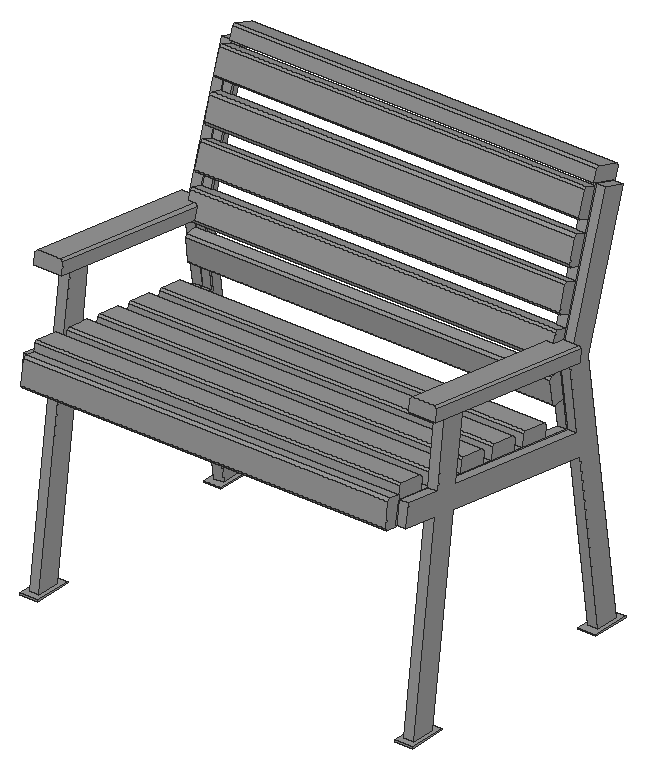
Revit family "Кресло садовое «Модерн» Арт 6747", category Антураж, Revit 2018
Family settings
  На основе рабочей плоскости = Нет
  Всегда вертикально = Да
  При загрузке вырезать с полостями = Нет
  Источник визуального образа = Геометрия семейства
  Общий = Нет
  Точка расчета площади = Нет
Parameters (values of type "Кресло садовое «Модерн»")
  Ширина = 612 mm  # constant formula
  Цвет сидения = Дерево
  Цвет опор = Сталь
  Описание = "Кресло садовое «Модерн»"  # constant formula
  Материал изделия = "Сталь, дерево"  # constant formula
  Изображение типоразмера = Кресло садовое «Модерн» Арт 6747.jpg
  Изготовитель = "ООО «Хоббика»"  # constant formula
  Длина досок = Длина - (38 mm * 2)  # 744 mm
  Длина = 820 mm  # constant formula
  Группа модели = "Кресла садовые"  # constant formula
  Высота = 835 mm  # constant formula
  Артикул товара = "Арт. 6747"  # constant formula
  URL = "https://hobbyka.ru/product/kreslo_sadovoe_modern/"
Reference planes
  plane 1 "По центру (Вперед/Назад)": y = 0
  plane 2: z = 0
  plane 3 "По центру (Влево/Вправо)": x = 0
  plane 4: x = 820
  plane 5: y = 612
  plane 6: z = 835
Dimensions and locks
  "Ширина": plane 5 to plane 1 "По центру (Вперед/Назад)"
  "Длина": plane 3 "По центру (Влево/Вправо)" to plane 4
  "Высота": plane 6 to level
  locked: plane 3 "По центру (Влево/Вправо)" to nested 1 at 27.9
  locked: plane 3 "По центру (Влево/Вправо)" to nested 2 at 27.9
  locked: nested 3 to plane 4 at 27.9
  locked: nested 4 to plane 4 at 27.9
  plane 3 "По центру (Влево/Вправо)" to plane 4 = 820 mm
  plane 6 to level = 835 mm
  aligned and locked: level to plane 2
  aligned and locked: nested 1 to nested 9
  aligned and locked: nested 1 to nested 12
  aligned and locked: nested 1 to nested 11
  aligned and locked: nested 1 to nested 10
  aligned and locked: nested 1 to nested 8
  aligned and locked: nested 7 to nested 8
  aligned and locked: nested 6 to nested 8
  aligned and locked: nested 5 to nested 8
  aligned and locked: nested 6 to nested 7
  aligned and locked: nested 13 to nested 7
  aligned and locked: nested 14 to nested 7
  aligned and locked: nested 15 to nested 7
  aligned and locked: nested 16 to nested 7
  aligned and locked: nested 5 to nested 7
Nested families
  nested 1: "Скамейка стальная «Модерн» опора" at (27.9, 45, 0), type "Скамейка стальная «Модерн» опора"
  nested 2: "Скамейка стальная «Модерн» доска" at (27.9, 458.962, 526.62) x (0, -0.9903, 0.1392) z (0, 0.1392, 0.9903), type "Скамейка стальная «Модерн» доска поручень"
    with Длина доски 370 mm
  nested 3: "Скамейка стальная «Модерн» опора" at (792.1, 45, 0) x (-1, 0, 0) z (0, 0, 1), type "Скамейка стальная «Модерн» опора"
  nested 4: "Скамейка стальная «Модерн» доска" at (792.1, 458.962, 526.62) x (0, -0.9903, 0.1392) z (0, 0.1392, 0.9903), type "Скамейка стальная «Модерн» доска поручень"
    with Длина доски 370 mm
  nested 5: "Скамейка стальная «Модерн» доска" at (37.9, 42.295, 425.8) x (1, 0, 0) z (0, -0.9903, 0.1392), type "Скамейка стальная «Модерн» доска"
    with Длина доски 744 mm
  nested 6: "Скамейка стальная «Модерн» доска" at (37.9, 389.531, 396.624) x (1, 0, 0) z (0, 0.1392, 0.9903), type "Скамейка стальная «Модерн» доска"
    with Длина доски 744 mm
  nested 7: "Скамейка стальная «Модерн» доска" at (37.9, 462.027, 472.995) x (1, 0, 0) z (0, -0.9903, -0.1392), type "Скамейка стальная «Модерн» доска"
    with Длина доски 744 mm
  nested 8: "Скамейка стальная «Модерн» доска" at (37.9, 464.462, 543.548) x (1, 0, 0) z (0, -0.9511, 0.309), type "Скамейка стальная «Модерн» доска"
    with Длина доски 744 mm
  nested 9: "Скамейка стальная «Модерн» доска" at (37.9, 570.189, 795.707) x (1, 0, 0) z (0, 0.309, 0.9511), type "Скамейка стальная «Модерн» доска"
    with Длина доски 744 mm
  nested 10: "Скамейка стальная «Модерн» доска" at (37.9, 489.184, 619.632) x (1, 0, 0) z (0, -0.9511, 0.309), type "Скамейка стальная «Модерн» доска"
    with Длина доски 744 mm
  nested 11: "Скамейка стальная «Модерн» доска" at (37.9, 513.906, 695.717) x (1, 0, 0) z (0, -0.9511, 0.309), type "Скамейка стальная «Модерн» доска"
    with Длина доски 744 mm
  nested 12: "Скамейка стальная «Модерн» доска" at (37.9, 538.627, 771.801) x (1, 0, 0) z (0, -0.9511, 0.309), type "Скамейка стальная «Модерн» доска"
    with Длина доски 744 mm
  nested 13: "Скамейка стальная «Модерн» доска" at (37.9, 310.31, 407.758) x (1, 0, 0) z (0, 0.1392, 0.9903), type "Скамейка стальная «Модерн» доска"
    with Длина доски 744 mm
  nested 14: "Скамейка стальная «Модерн» доска" at (37.9, 231.088, 418.892) x (1, 0, 0) z (0, 0.1392, 0.9903), type "Скамейка стальная «Модерн» доска"
    with Длина доски 744 mm
  nested 15: "Скамейка стальная «Модерн» доска" at (37.9, 151.867, 430.026) x (1, 0, 0) z (0, 0.1392, 0.9903), type "Скамейка стальная «Модерн» доска"
    with Длина доски 744 mm
  nested 16: "Скамейка стальная «Модерн» доска" at (37.9, 72.645, 441.161) x (1, 0, 0) z (0, 0.1392, 0.9903), type "Скамейка стальная «Модерн» доска"
    with Длина доски 744 mm
Definition of nested family "Скамейка стальная «Модерн» опора"
  Parameters (values of type "Скамейка стальная «Модерн» опора")
    Цвет каркаса = none
    Height = 0 mm
  Reference planes
    plane 1 "По центру (Вперед/Назад)": y = 0
    plane 2: z = 0
    plane 3 "По центру (Влево/Вправо)": x = 0
  Forms (mm)
    Extrusion 1, solid, material <- "Цвет каркаса"
      sketch origin (0, 0, 0) x (0, 1, 0) y (0, 0, 1)
        loop
          line (13.235, 3) -> (58.678, 3) -> (112.2, 383.834) -> (435.953, 338.333) -> (483.081, 3) -> (528.523, 3) -> (456.849, 512.988) -> (546.464, 788.794) -> (503.666, 802.7) -> (410.841, 517.013) -> (429.438, 384.691) -> (118.463, 428.396) -> (137.724, 565.443) -> (93.162, 571.706) -> (73.901, 434.659) -> (0, 445.045) -> (-6.263, 400.483) -> (67.638, 390.096) -> (13.235, 3)
      from -10 to 10
    Extrusion 2, solid, material <- "Цвет каркаса"
      sketch origin (-308, 0, 0) x (1, 0, 0) y (0, 1, 0)
        loop
          line (326, 467.409) -> (326, 542.909) -> (290, 542.909) -> (290, 467.409) -> (326, 467.409)
        loop
          line (326, 75.5) -> (290, 75.5) -> (290, 0) -> (326, 0) -> (326, 75.5)
      from 0 to 3
    Extrusion 3, solid, material <- "Цвет каркаса"
      sketch origin (0, 0, 0) x (0, 1, 0) y (0, 0, 1)
        loop
          line (410.841, 517.013) -> (429.438, 384.691) -> (0, 445.045) -> (-6.263, 400.483) -> (-4.282, 400.204) -> (1.702, 442.786) -> (431.787, 382.341) -> (412.886, 516.834) -> (504.95, 800.18) -> (545.846, 786.892) -> (546.464, 788.794) -> (503.666, 802.7) -> (410.841, 517.013)
      from 10 to 30
  Dimensions and locks
    aligned and locked: level to plane 2
    aligned and locked: Extrusion 3 to Extrusion 1
Definition of nested family "Скамейка стальная «Модерн» доска"
  Parameters (values of type "Скамейка стальная «Модерн» доска")
    Цвет сидения = none
    Default Elevation = 1219.2 mm
    Длина доски = 1300 mm
    Height = 0 mm
  Types (2): name
    Скамейка стальная «Модерн» доска
    Скамейка стальная «Модерн» доска поручень
  Reference planes
    plane 1 "По центру (Вперед/Назад)": y = 0
    plane 2: z = 0
    plane 3 "По центру (Влево/Вправо)": x = 0
    plane 4: x = 1300
  Forms (mm)
    Extrusion 1, solid, material <- "Цвет сидения"
      sketch origin (0, 336.473, -339.298) x (0, 0.987836, 0.155497) y (0, -0.155497, 0.987836)
        loop
          line (-307.181, 391.83) -> (-252.06, 383.153) -> (-248.445, 406.118) -> (-252.315, 411.435) -> (-298.25, 418.666) -> (-303.566, 414.795) -> (-307.181, 391.83)
      from 0 to 1300
  Dimensions and locks
    "Длина доски": plane 3 "По центру (Влево/Вправо)" to plane 4
    aligned and locked: level to plane 2
    aligned and locked: Extrusion 1 to plane 3 "По центру (Влево/Вправо)"
    aligned and locked: plane 4 to Extrusion 1
  Automatic sketch dimensions
    Extrusion 1 sketch curve to level = 0 mm  (x2)
    plane 1 "По центру (Вперед/Назад)" to Extrusion 1 sketch curve = 27.9 mm
    Extrusion 1 sketch curve to Extrusion 1 sketch curve = 3.615 mm
    Extrusion 1 sketch curve to Extrusion 1 sketch curve = 5.317 mm  (x2)
    Extrusion 1 sketch curve to Extrusion 1 sketch curve = 45.934 mm
    Extrusion 1 sketch curve to Extrusion 1 sketch curve = 0.255 mm
    Extrusion 1 sketch curve to Extrusion 1 sketch curve = 3.87 mm  (x2)
    Extrusion 1 sketch curve to Extrusion 1 sketch curve = 22.965 mm  (x2)
